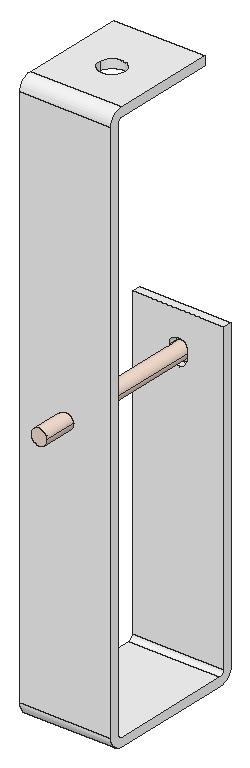
Revit family "100×50×20LGハンガー(内折れ)", category 機械設備, Revit 2020
Family settings
  丸型コネクタ寸法 = 直径を使用
  種別 = なし
  パーツ タイプ = 標準
  作業面ベース = いいえ
  常に垂直 = はい
  ロード時にボイドで切り取り = いいえ
  共有 = いいえ
  部屋計算ポイント = いいえ
Parameters
  製造元 = "株式会社桐井製作所"
  既定の高さ = 0 mm
  URL = "https://www.kirii.co.jp/"
  K_材質 = "SGHC　一般用"
  K_品名 = "100×50×20LGハンガー(内折れ)"
  K_名称 = "その他ハンガー"
  K_入数 = "50"
  K_バージョン情報 = "20211012"
  K_めっき付着量 = "Z12"
  K_JIS規格 = "JIS G 3302"
Reference planes
  plane 1 "中心(正面/背面)": y = 0
  plane 2: z = 0
  plane 3 "中心(左/右)": x = 0
  plane 4: x = 17.5
  plane 5: x = -17.5
Forms (mm)
  Extrusion 1, solid
    sketch origin (0, 0, 0) x (0, 1, 0) y (0, 0, 1)
      loop
        line (0, 1.8) -> (0, 211.8)
        arc (0, 211.8) -> (0.527, 213.073) -> (1.8, 213.6) r 1.8
        line (1.8, 213.6) -> (41.8, 213.6) -> (41.8, 216.8) -> (1.8, 216.8)
        arc (1.8, 216.8) -> (-1.736, 215.336) -> (-3.2, 211.8) r 5
        line (-3.2, 211.8) -> (-3.2, 1.8)
        arc (-3.2, 1.8) -> (-1.736, -1.736) -> (1.8, -3.2) r 5
        line (1.8, -3.2) -> (49.2, -3.2)
        arc (49.2, -3.2) -> (52.736, -1.736) -> (54.2, 1.8) r 5
        line (54.2, 1.8) -> (54.2, 119.8) -> (51, 119.8) -> (51, 1.8)
        arc (51, 1.8) -> (50.473, 0.527) -> (49.2, 0) r 1.8
        line (49.2, 0) -> (1.8, 0)
        arc (1.8, 0) -> (0.527, 0.527) -> (0, 1.8) r 1.8
    from -17.5 to 17.5
  Extrusion 2, void
    sketch origin (0, 0, 25) x (1, 0, 0) y (0, 0, 1)
      loop
        circle (0, 79.96) r 3
    from 0 to 3.2
  Extrusion 3, void
    sketch origin (0, 15, 40.04) x (1, 0, 0) y (0, 0, 1)
      loop
        arc (3.5, 66.5) -> (0, 70) -> (-3.5, 66.5) r 3.5
        line (-3.5, 66.5) -> (-3.5, 63.5)
        arc (-3.5, 63.5) -> (0, 60) -> (3.5, 63.5) r 3.5
        line (3.5, 63.5) -> (3.5, 66.5)
    from -39.2 to -36
  Extrusion 4, void
    sketch origin (0, 41.8, 0) x (1, 0, 0) y (0, 1, 0)
      loop
        circle (0, -22.5) r 5
    from 213.6 to 216.8
Cuts and joins
  Extrusion 2, Extrusion 3, Extrusion 4 cuts Extrusion 1
Dimensions and locks
  aligned and locked: level to plane 2
Nested families
  nested 1: "M6×70ボルト" at (-0.011, 54.2, 105.16) x (-1, 0, 0) z (0, 0, 1), type "M6×70ボルト"
Definition of nested family "M6×70ボルト"
  Parameters (values of type "M6×70ボルト")
    Manufacturer = "株式会社桐井製作所"
    Default Elevation = 0 mm
    URL = "https://www.kirii.co.jp/"
    K_名称 = "M6×70ボルト"
  Reference planes
    plane 1 "中心(正面/背面)": y = 0
    plane 2: z = 0
    plane 3 "中心(左/右)": x = 0
    plane 4 "正面": y = -4
  Forms (mm)
    Extrusion 1, solid
      sketch origin (0, 0, 0) x (1, 0, 0) y (0, 0, 1)
        loop
          line (-4.763, -2.946) -> (0, -5.696) -> (4.763, -2.946) -> (4.763, 2.554) -> (0, 5.304) -> (-4.763, 2.554) -> (-4.763, -2.946)
      from 0 to 4
    Extrusion 2, void
      sketch origin (0, -4, 0) x (-1, 0, 0) y (0, 0, 1)
        loop
          circle (0, -0.156) r 4.396
      from 0 to 1
    Extrusion 3, void
      sketch origin (0, -4, 0) x (-1, 0, 0) y (0, 0, 1)
        loop
          arc (-0.6, 1.814) -> (-1.069, 0.856) -> (-2.036, 0.404) r 1.605
          line (-2.036, 0.404) -> (-2.939, 0.404)
          arc (-2.939, 0.404) -> (-3, -0.195) -> (-2.94, -0.795) r 3
          line (-2.94, -0.795) -> (-2.049, -0.795)
          arc (-2.049, -0.795) -> (-1.074, -1.243) -> (-0.6, -2.206) r 1.605
          line (-0.6, -2.206) -> (-0.6, -3.135)
          arc (-0.6, -3.135) -> (0, -3.196) -> (0.6, -3.135) r 3
          line (0.6, -3.135) -> (0.6, -2.206)
          arc (0.6, -2.206) -> (1.074, -1.243) -> (2.049, -0.795) r 1.605
          line (2.049, -0.795) -> (2.94, -0.795)
          arc (2.94, -0.795) -> (3, -0.198) -> (2.941, 0.398) r 3
          line (2.941, 0.398) -> (2.117, 0.398)
          arc (2.117, 0.398) -> (1.098, 0.828) -> (0.6, 1.814) r 1.605
          line (0.6, 1.814) -> (0.6, 2.743)
          arc (0.6, 2.743) -> (0, 2.804) -> (-0.6, 2.743) r 3
          line (-0.6, 2.743) -> (-0.6, 1.814)
      from 0 to 2
    Extrusion 4, solid
      sketch origin (0, 0, 0) x (1, 0, 0) y (0, 0, 1)
        loop
          circle (-0.011, -0.2) r 3
      from 0 to -70
  Cuts and joins
    Extrusion 2, Extrusion 3 cuts Extrusion 1
    joined: Extrusion 1, Extrusion 4
  Dimensions and locks
    aligned and locked: level to plane 2
